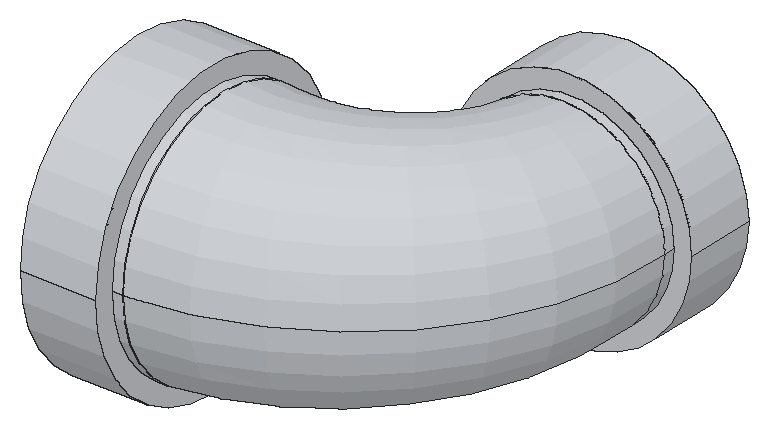
Revit family "1b9979827d574d52a779d315d736cbf9", category Pipe Fittings, Revit 2021
Family settings
  Round Connector Dimension = Use Radius
  Part Type = Elbow
  OmniClass Number = 23.60.30.11.14
  OmniClass Title = Pipework Fittings
  Seek Item ID = Elbow Reducing - Threaded - MI - Class 150-0000-USA-ENU
  Work Plane-Based = No
  Always vertical = Yes
  Cut with Voids When Loaded = No
  Shared = No
Parameters (values of type "Standard")
  Loss Method = K Coefficient from Table
  Lookup Table Name = "Elbow Reducing - Threaded - MI - Class 150"
  Length 4 [instance] = if(Length 1 = Max Length 1, if(C2 Length 1 = Max Length 1, 1/32", if(C2 Length 1 - Max Length 1 < 1/32", 1/32", C2 Length 1 - Max Length 1)), 1/32")  # 1/32"
  Length 1 [instance] = if(Max Length 1 > Max Insulation Radius 12 * tan(Angle / 2), Max Length 1, Max Insulation Radius 12 * tan(Angle / 2) + 1/32")  # 0.53937"
  Max Length 1 [instance] = if(C1 Length 1 > C2 Length 1, C2 Length 1, C1 Length 1)  # 0.53937"
  Length 3 [instance] = Length 1 + Length 1 * cos(Angle)  # 0.53937"
  Length 7 [instance] = (Length 4 + Band Width 2) * cos(Angle) + Length 1 + Length 1 * cos(Angle)  # 0.53937"
  Length 6 [instance] = (Length 4 + Band Width 2) * sin(Angle)  # 0.23204"
  Length 5 [instance] = if(Length 1 = Max Length 1, if(C1 Length 1 = Max Length 1, 1/32", if(C1 Length 1 - Max Length 1 < 1/32", 1/32", C1 Length 1 - Length 1)), 1/32")  # 1/32"
  K Coefficient Table = "Regular Threaded 45, 90 and 180 Elbow"
  Default Elevation = 0' - 0"
  C1 Length 1 [instance] = Center to End 1 - Band Width 1  # 0.54331"
  C2 Length 1 [instance] = Center to End 2 - Band Width 2  # 0.53937"
  Length 2 [instance] = Length 1 * sin(Angle)  # 0.53937"
  Tick Size 2 [instance] = Fitting Outside Diameter 2 * 0.4  # 0.23433"
  Tick Size 1 [instance] = Fitting Outside Diameter 1 * 0.4  # 0.29165"
  Nominal Radius 2 [instance] = 1/16"
  Nominal Radius 1 [instance] = 1/8"
  Nominal Diameter 2 [instance] = Nominal Radius 2 * 2  # 1/8"
  Nominal Diameter 1 [instance] = Nominal Radius 1 * 2  # 1/4"
  Metal Thickness 2 [instance] = size_lookup(Lookup Table Name, "MThk", 0.04 * Nominal Diameter 2 + 11/128", Nominal Diameter 2)  # 0.09016"
  Metal Thickness 1 [instance] = size_lookup(Lookup Table Name, "MThk", 0.04 * Nominal Diameter 1 + 11/128", Nominal Diameter 1)  # 0.09488"
  Max Insulation Radius 12 [instance] = if(Fitting Outside Radius 1 > Fitting Outside Radius 2, Fitting Outside Radius 1, Fitting Outside Radius 2)  # 0.36457"
  Fitting Outside Radius 2 [instance] = Fitting Outside Diameter 2 / 2  # 0.29291"
  Fitting Outside Radius 1 [instance] = Fitting Outside Diameter 1 / 2  # 0.36457"
  Fitting Outside Diameter 1 [instance] = Fitting Inside Diameter 1 + Metal Thickness 1 * 2  # 0.72913"
  Fitting Outside Diameter 2 [instance] = Fitting Inside Diameter 2 + Metal Thickness 2 * 2  # 0.58583"
  Fitting Inside Diameter 2 [instance] = size_lookup(Lookup Table Name, "FID", 1.08 * Nominal Diameter 2 + 13/64", Nominal Diameter 2)  # 0.40551"
  Fitting Inside Diameter 1 [instance] = size_lookup(Lookup Table Name, "FID", 1.08 * Nominal Diameter 1 + 13/64", Nominal Diameter 1)  # 0.53937"
  Center to End 2 [instance] = size_lookup(Lookup Table Name, "CtE2", 0.61 * Nominal Diameter 1 + 0.2 * Nominal Diameter 2 + 157/256", Nominal Diameter 1, Nominal Diameter 2)  # 0.74016"
  Center to End 1 [instance] = size_lookup(Lookup Table Name, "CtE1", 0.3 * Nominal Diameter 1 + 0.48 * Nominal Diameter 2 + 85/128", Nominal Diameter 1, Nominal Diameter 2)  # 0.75984"
  Center Radius [instance] = Length 1 / tan(Angle / 2)  # 0.53937"
  Band Width 2 [instance] = size_lookup(Lookup Table Name, "BWid", 0.12 * Nominal Diameter 2 + 45/256", Nominal Diameter 2)  # 0.20079"
  Band Width 1 [instance] = size_lookup(Lookup Table Name, "BWid", 0.12 * Nominal Diameter 1 + 45/256", Nominal Diameter 1)  # 0.21654"
  Band Outside Radius 2 [instance] = Band Outside Diameter 2 / 2  # 0.34646"
  Band Outside Radius 1 [instance] = Band Outside Diameter 1 / 2  # 0.42126"
  Band Outside Diameter 1 [instance] = size_lookup(Lookup Table Name, "BOD", 1.23 * Nominal Diameter 1 + 125/256", Nominal Diameter 1)  # 0.84252"
  Band Outside Diameter 2 [instance] = size_lookup(Lookup Table Name, "BOD", 1.23 * Nominal Diameter 2 + 125/256", Nominal Diameter 2)  # 0.69291"
  Band Insulation Outside Radius 2 [instance] = (Band Outside Diameter 2) / 2  # 0.34646"
  Band Insulation Outside Radius 1 [instance] = (Band Outside Diameter 1) / 2  # 0.42126"
  Assembly Code = ""
  Angle 1 [instance] = 180.00° - Angle  # 90.00°
  Angle [instance] = 90.00°
Reference planes (in)
  plane 1 "Center (Front/Back)": y = 0
  plane 2: z = 0
  plane 3 "Center (Left/Right)": x = 0
  plane 4: x = -0.53937
  plane 5: x = 0
  plane 6: y = 0.53937
  plane 7: y = 0.53937
  plane 8: y = 0.77141
  plane 9: x = 0
  plane 10: x = -0.57062
  plane 11: x = -0.78716
Forms (in)
  Sweep 1, solid, detail levels fine
    path in 3D
      loop
        line (-0.53937, 0, 0) -> (-0.57062, 0, 0)
    profile origin (-0.555, 0, 0) x (0, -1, 0) y (0, 0, 1)
      loop
        circle (0, 0) r 0.36457
  Sweep 2, solid, detail levels fine
    path in 3D
      loop
        line (0, 0.53937, 0) -> (0, 0.57062, 0)
    profile origin (0, 0.555, 0) x (-1, 0, 0) y (0, 0, 1)
      loop
        circle (0, 0) r 0.29291
  Sweep 3, solid, detail levels fine
    path in 3D
      loop
        line (0, 0.57062, 0) -> (0, 0.77141, 0)
    profile origin (0, 0.67101, 0) x (-1, 0, 0) y (0, 0, 1)
      loop
        circle (0, 0) r 0.34646
  Sweep 4, solid, detail levels fine
    path in 3D
      loop
        line (-0.57062, 0, 0) -> (-0.78716, 0, 0)
    profile origin (-0.67889, 0, 0) x (0, -1, 0) y (0, 0, 1)
      loop
        circle (0, 0) r 0.42126
  SweptBlend 5, solid, detail levels fine
    path in 3D
      loop
        arc (-0.53937, 0, 0) -> (-0.15798, 0.15798, 0) -> (0, 0.53937, 0) r 0.53937
    profile origin (-0.53937, 0, 0) x (0, 1, 0) y (0, 0, 1)
      loop
        circle (0, 0) r 0.36457
    end profile origin (0, 0.53937, 0) x (-1, 0, 0) y (0, 0, 1)
      loop
        circle (0, 0) r 0.29291
Cuts and joins
  joined: Sweep 1, Sweep 4
  joined: Sweep 2, Sweep 3
Lines and regions (in)
  model lines, detail levels coarse+medium
    curve 1: line (-0.53937, 0, 0) -> (-0.57062, 0, 0)
    curve 2: line (-0.57062, 0, 0) -> (-0.78716, 0, 0)
    curve 5: line (0, 0.53937, 0) -> (0, 0.57062, 0)
    curve 6: line (0, 0.57062, 0) -> (0, 0.77141, 0)
    curve 10: line (-0.78716, 0, 0) -> (-0.78716, 0.29165, 0)
    curve 11: line (-0.78716, 0, 0) -> (-0.78716, -0.29165, 0)
    curve 12: arc (-0.53937, 0, 0) -> (-0.15798, 0.15798, 0) -> (0, 0.53937, 0) r 0.53937
    curve 14: line (0, 0.77141, 0) -> (0.23433, 0.77141, 0)
    curve 15: line (0, 0.77141, 0) -> (-0.23433, 0.77141, 0)
  sketch lines
    curve 3: line (-0.53937, 0, 0) -> (-0.57062, 0, 0)
    curve 7: line (0, 0.53937, 0) -> (0, 0.57062, 0)
    curve 8: line (0, 0.57062, 0) -> (0, 0.77141, 0)
    curve 9: line (-0.57062, 0, 0) -> (-0.78716, 0, 0)
    curve 13: arc (-0.53937, 0, 0) -> (-0.15798, 0.15798, 0) -> (0, 0.53937, 0) r 0.53937
  reference lines
    curve 4: line (0, 0.77141, 0) -> (0, 0.57062, 0)
    curve 16: line (0, 0, 0) -> (0, 0.28969, 0)
Dimensions and locks (in)
  "Length 1": plane 4 to plane 3 "Center (Left/Right)"
  "Length 3": plane 4 to plane 5
  "Length 2": plane 6 to plane 1 "Center (Front/Back)"
  "Center Radius": plane 7 to plane 1 "Center (Front/Back)"
  "Length 5": curve 1 to curve 1
  "Length 6": plane 8 to plane 6
  "Length 4": curve 5 to curve 5
  "Band Width 2": curve 6 to curve 6
  "Length 5": plane 10 to plane 4
  "Band Width 1": plane 11 to plane 10
  "Band Width 1": curve 2 to curve 2
  "Tick Size 1": curve 10 to curve 10
  "Tick Size 1": curve 11 to curve 11
  "Length 7": plane 4 to plane 9
  "Tick Size 2": curve 14 to curve 14
  "Tick Size 2": curve 15 to curve 15
  "Fitting Outside Radius 1": radius of Sweep 1 sketch curve
  "Fitting Outside Radius 2": radius of Sweep 2 sketch curve
  "Band Outside Radius 2": radius of Sweep 3 sketch curve
  "Band Outside Radius 1": radius of Sweep 4 sketch curve
  "Fitting Outside Radius 1": radius of SweptBlend 5 sketch curve
  "Fitting Outside Radius 2": radius of SweptBlend 5 sketch curve
  "Angle": angle plane 8 to curve 4
  "Angle": angle plane 6 to curve 5
  "Angle 1": angle curve 5 to curve 1
  "Angle": angle plane 6 to curve 6
  angle curve 10 to curve 2 = 90.00°
  angle curve 11 to curve 2 = 90.00°
  "Angle": angle curve 12 to curve 12
  angle curve 5 to curve 14 = 90.00°
  locked: curve 15 to curve 5 (angle 90.00°)
  "Angle": angle plane 1 "Center (Front/Back)" to curve 16
  aligned and locked: curve 1 to plane 1 "Center (Front/Back)"
  aligned and locked: level to Sweep 1 sketch curve
  aligned and locked: plane 1 "Center (Front/Back)" to Sweep 1 sketch curve
  aligned and locked: plane 8 to curve 4
  aligned and locked: plane 9 to curve 4
  aligned and locked: plane 5 to curve 5
  aligned and locked: plane 7 to curve 12
  aligned and locked: plane 8 to curve 15
  aligned and locked: plane 1 "Center (Front/Back)" to curve 16
  aligned and locked: plane 3 "Center (Left/Right)" to curve 16
Automatic sketch dimensions
  Sweep 2 sketch curve to profile plane = 0' - 0"  (x2)
  Sweep 3 sketch curve to profile plane = 0' - 0"  (x2)
  Sweep 4 sketch curve to profile plane = 0' - 0"  (x2)
  SweptBlend 5 sketch curve to profile plane = 0' - 0"  (x4)
  curve 11 to plane 11 = 0' - 0"
Connectors (in)
  piping at (-0.78716, 0, 0), diameter 0.25, driven by "Angle", driven by "Nominal Radius 1"
    settings: on cut or joined group of Sweep 1, Sweep 4, index 1, connector inside diameter 1/4", connector length 0' - 0", flow factor 0, pipe flow 0 GPM, pressure drop 0.00 psi, fitting loss kfactor 0, connector angle 90.00°, fixture units 0, engagement length 0' - 0", angle of deflection 0.00°, flow configuration 0, flow direction 0, fitting loss method 0, system type 28, joint type 0, gender type 0, connector reference index 2, connector utility 0, adjustable connector no, is connector primary yes, connector description ""
  piping at (0, 0.77141, 0), diameter 0.125, driven by "Angle", driven by "Nominal Radius 2"
    settings: on cut or joined group of Sweep 2, Sweep 3, index 2, connector inside diameter 1/8", connector length 0' - 0", flow factor 0, pipe flow 0 GPM, pressure drop 0.00 psi, fitting loss kfactor 0, connector angle 90.00°, fixture units 0, engagement length 0' - 0", angle of deflection 0.00°, flow configuration 0, flow direction 0, fitting loss method 0, system type 28, joint type 0, gender type 0, connector reference index 1, connector utility 0, adjustable connector no, is connector primary no, connector description ""
